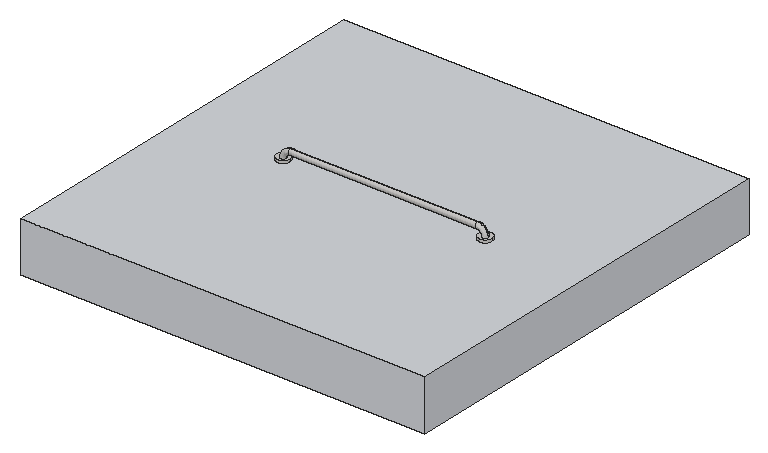
Revit family
Parameters (values of type "B-5806x48")
  URL = "http://www.bobrick.com"
  Type Comments = "Satin Finish"
  Product Page URL = ""
  Model = "B-5806 Series"
  Manufacturer = "Bobrick Washroom Equipment, Inc."
  Keynote = "10 28 00.C1"
  Grab Bar Material = Stainless Steel-Bobrick-Satin
  Grab Bar Length = 4' - 0"
  Flange Cover Radius = 0' - 1 5/8"
  Description = "1 1/4\" Diameter Stainless Steel Grab Bars with Snap Flange"
  Default Elevation = 2' - 9"
  Assembly Code = "C1030210"
  ADA Compliant = yes
Types (15): name | Type Comments | Grab Bar Length
  (no name) | "Satin Finish" | 4' - 0"
  B-5806x48 | "Satin Finish" | 4' - 0"
  B-5806x12 | "Satin Finish" | 1' - 0"
  B-5806x18 | "Satin Finish" | 1' - 6"
  B-5806x24 | "Satin Finish" | 2' - 0"
  B-5806x30 | "Satin Finish" | 2' - 6"
  B-5806x36 | "Satin Finish" | 3' - 0"
  B-5806x42 | "Satin Finish" | 3' - 6"
  B-5806.99x48 | "Satin Finish with Peened Gripping Surface" | 4' - 0"
  B-5806.99x12 | "Satin Finish with Peened Gripping Surface" | 1' - 0"
  B-5806.99x18 | "Satin Finish with Peened Gripping Surface" | 1' - 6"
  B-5806.99x24 | "Satin Finish with Peened Gripping Surface" | 2' - 0"
  B-5806.99x30 | "Satin Finish with Peened Gripping Surface" | 2' - 6"
  B-5806.99x36 | "Satin Finish with Peened Gripping Surface" | 3' - 0"
  B-5806.99x42 | "Satin Finish with Peened Gripping Surface" | 3' - 6"
Reference planes (in)
  plane 1 "Center (Front/Back)": y = 0
  plane 2: z = 0
  plane 3 "Center (Left/Right)": x = 0
  plane 4: x = -24
  plane 5: x = 24
  plane 6 "Grab Bar Center": z = 2.125
  plane 7: z = 0.4375
Forms (in)
  Extrusion 1, solid
    sketch origin (0, 0, 0) x (1, 0, 0) y (0, 1, 0)
      loop
        line (-48, 48) -> (-48, -48) -> (48, -48) -> (48, 48) -> (-48, 48)
    from 0 to -12
  Sweep 2, solid, material "Stainless Steel-Bobrick-Satin" <- "Grab Bar Material"
    path origin (0, 0, 0) x (1, 0, 0) y (0, 0, 1)
      loop
        line (24, 0) -> (24, 0.3125)
        arc (24, 0.3125) -> (23.46913, 1.59413) -> (22.1875, 2.125) r 1.8125
        line (22.1875, 2.125) -> (-22.1875, 2.125)
        arc (-22.1875, 2.125) -> (-23.46913, 1.59413) -> (-24, 0.3125) r 1.8125
        line (-24, 0.3125) -> (-24, 0)
    profile origin (24, 0, 0.15625) x (-1, 0, 0) y (0, -1, 0)
      loop
        circle (0, 0) r 0.625
  Extrusion 3, solid, material "Stainless Steel-Bobrick-Satin" <- "Grab Bar Material"
    sketch origin (0, 0, 0) x (1, 0, 0) y (0, 1, 0)
      loop
        circle (-24, 0) r 1.625
    from 0 to 0.4375
  Extrusion 4, solid, material "Stainless Steel-Bobrick-Satin" <- "Grab Bar Material"
    sketch origin (0, 0, 0) x (-1, 0, 0) y (0, -1, 0)
      loop
        circle (-24, 0) r 1.625
    from 0 to 0.4375
Cuts and joins
  joined: Sweep 2, Extrusion 3, Extrusion 4
Lines and regions (in)
  Masking region 1
    outline origin (0, 0, 0) x (1, 0, 0) y (0, 1, 0)
      loop
        arc (-25.625, 0) -> (-24.31878, -1.59343) -> (-22.50007, -0.62517) r 1.625
        line (-22.50007, -0.62517) -> (22.50007, -0.62517)
        arc (22.50007, -0.62517) -> (24.31878, -1.59343) -> (25.625, 0) r 1.625
        arc (25.625, 0) -> (24.31878, 1.59342) -> (22.50007, 0.62518) r 1.625
        line (22.50007, 0.62518) -> (-22.50007, 0.62518)
        arc (-22.50007, 0.62518) -> (-24.31878, 1.59342) -> (-25.625, 0) r 1.625
  Masking region 2
    outline origin (0, 0, 0) x (1, 0, 0) y (0, 0, 1)
      loop
        arc (-22.35127, 2.77915) -> (-24.00707, 2.09329) -> (-24.69292, 0.4375) r 2.34165
        line (-24.69292, 0.4375) -> (-25.625, 0.4375) -> (-25.625, 0) -> (-22.375, 0) -> (-22.375, 0.4375) -> (-23.36837, 0.4375)
        arc (-23.36837, 0.4375) -> (-23.03655, 1.1373) -> (-22.35127, 1.49816) r 1.22487
        line (-22.35127, 1.49816) -> (22.30771, 1.49816)
        arc (22.30771, 1.49816) -> (23.05771, 1.1875) -> (23.36837, 0.4375) r 1.06066
        line (23.36837, 0.4375) -> (22.375, 0.4375) -> (22.375, 0) -> (25.625, 0) -> (25.625, 0.4375) -> (24.62209, 0.4375)
        arc (24.62209, 0.4375) -> (23.93624, 2.09329) -> (22.28045, 2.77915) r 2.34165
        line (22.28045, 2.77915) -> (-22.35127, 2.77915)
  Masking region 3
    outline origin (0, 0, 0) x (0, 1, 0) y (0, 0, 1)
      loop
        line (1.625, 0) -> (1.625, 0.4375) -> (0.62518, 0.4375) -> (0.62518, 2.24043)
        arc (0.62518, 2.24043) -> (-0.05796, 2.7581) -> (-0.63575, 2.125) r 0.63575
        line (-0.63575, 2.125) -> (-0.63575, 0.4375) -> (-1.625, 0.4375) -> (-1.625, 0) -> (1.625, 0)
  symbolic lines, style "Restroom Accessories"
    curve 1: arc (-23.9969, 0.62518, 0) -> (-24.62119, -0.03495, 0) -> (-23.93044, -0.62517, 0) r 0.62685
    curve 2: line (-23.9969, 0.62518, 0) -> (24, 0.62518, 0)
    curve 3: line (23.93487, -0.62517, 0) -> (-23.93044, -0.62517, 0)
    curve 4: arc (23.93487, -0.62517, 0) -> (24.5609, -0.03091, 0) -> (24, 0.62518, 0) r 0.62687
    curve 5: arc (22.50007, -0.62517, 0) -> (25.625, 0, 0) -> (22.50007, 0.62518, 0) r 1.625
    curve 6: arc (-22.50007, 0.62518, 0) -> (-25.625, 0, 0) -> (-22.50007, -0.62517, 0) r 1.625
    curve 7: line (25.625, 0, 0.4375) -> (22.375, 0, 0.4375)
    curve 8: line (25.625, 0, 0) -> (25.625, 0, 0.4375)
    curve 9: line (22.375, 0, 0) -> (25.625, 0, 0)
    curve 10: line (22.375, 0, 0.4375) -> (22.375, 0, 0)
    curve 11: line (-22.375, 0, 0.4375) -> (-25.625, 0, 0.4375)
    curve 12: line (-22.375, 0, 0) -> (-22.375, 0, 0.4375)
    curve 13: line (-25.625, 0, 0) -> (-22.375, 0, 0)
    curve 14: line (-25.625, 0, 0.4375) -> (-25.625, 0, 0)
    curve 15: line (-22.35127, 0, 2.77915) -> (22.28045, 0, 2.77915)
    curve 16: arc (24.62209, 0, 0.4375) -> (23.93624, 0, 2.09329) -> (22.28045, 0, 2.77915) r 2.34165
    curve 17: arc (23.36837, 0, 0.4375) -> (23.05771, 0, 1.1875) -> (22.30771, 0, 1.49816) r 1.06066
    curve 18: line (22.30771, 0, 1.49816) -> (-22.35127, 0, 1.49816)
    curve 19: arc (-23.36837, 0, 0.4375) -> (-23.03655, 0, 1.1373) -> (-22.35127, 0, 1.49816) r 1.22487
    curve 20: arc (-22.35127, 0, 2.77915) -> (-24.00707, 0, 2.09329) -> (-24.69292, 0, 0.4375) r 2.34165
    curve 21: circle (0, 0, 2.125) r 0.63575 normal (1, 0, 0)
    curve 22: line (0, 0.62518, 0.4375) -> (0, 0.62518, 2.11935)
    curve 23: line (0, -0.63575, 2.125) -> (0, -0.63575, 0.4375)
    curve 24: line (0, 1.625, 0.4375) -> (0, -1.625, 0.4375)
    curve 25: line (0, 1.625, 0) -> (0, 1.625, 0.4375)
    curve 26: line (0, -1.625, 0) -> (0, 1.625, 0)
    curve 27: line (0, -1.625, 0.4375) -> (0, -1.625, 0)
Dimensions and locks (in)
  equal spacing: plane 4, plane 3 "Center (Left/Right)", plane 5
  "Grab Bar Length": plane 4 to plane 5
  locked: plane 6 "Grab Bar Center" to level at 2.125
  locked: level to plane 7 at 0.4375
  "Flange Cover Radius": radius of Extrusion 4 sketch curve
  "Flange Cover Radius": radius of cut or joined group of Sweep 2, Extrusion 3, Extrusion 4
  aligned and locked: plane 2 to Extrusion 1
  aligned and locked: level to Extrusion 1
  aligned and locked: plane 4 to Sweep 2 sketch curve
  aligned and locked: Sweep 2 sketch curve to plane 6 "Grab Bar Center"
  aligned and locked: plane 5 to Sweep 2 sketch curve
  aligned and locked: plane 7 to Extrusion 4
  aligned and locked: plane 7 to Extrusion 3
  aligned and locked: cut or joined group of Sweep 2, Extrusion 3, Extrusion 4 to level
  aligned and locked: Extrusion 4 to level
  aligned and locked: plane 5 to curve 4
  aligned and locked: Masking region 1 sketch curve to cut or joined group of Sweep 2, Extrusion 3, Extrusion 4  (x4)
  aligned and locked: curve 2 to Masking region 1 sketch curve
  aligned and locked: curve 3 to Masking region 1 sketch curve
  aligned and locked: Masking region 2 sketch curve to curve 20
  aligned and locked: Masking region 2 sketch curve to curve 19
  aligned and locked: Masking region 2 sketch curve to curve 12
  aligned and locked: Masking region 2 sketch curve to cut or joined group of Sweep 2, Extrusion 3, Extrusion 4  (x2)
  aligned and locked: Masking region 2 sketch curve to curve 14
  aligned and locked: Masking region 2 sketch curve to curve 13
  aligned and locked: Masking region 2 sketch curve to curve 17
  aligned and locked: Masking region 2 sketch curve to curve 16
  aligned and locked: Masking region 2 sketch curve to curve 10
  aligned and locked: Masking region 2 sketch curve to curve 8
  aligned and locked: Masking region 2 sketch curve to curve 9
  aligned and locked: Masking region 3 sketch curve to curve 25
  aligned and locked: Masking region 3 sketch curve to cut or joined group of Sweep 2, Extrusion 3, Extrusion 4
  aligned and locked: Masking region 3 sketch curve to curve 22
  aligned and locked: Masking region 3 sketch curve to curve 21
  aligned and locked: Masking region 3 sketch curve to curve 27
  aligned and locked: Masking region 3 sketch curve to curve 26
Automatic sketch dimensions
  Extrusion 1 sketch curve to Extrusion 1 sketch curve = 8' - 0"  (x2)
  Sweep 2 sketch curve to level = 0' - 0"  (x2)
  plane 4 to Sweep 2 sketch curve = 0' - 1 13/16"
  level to Sweep 2 sketch curve = 0' - 0 5/16"
  plane 1 "Center (Front/Back)" to Sweep 2 sketch curve = 0' - 0"
  Sweep 2 sketch curve to profile plane = 0' - 0"
  plane 1 "Center (Front/Back)" to Extrusion 3 sketch curve = 0' - 0"
  Extrusion 3 sketch curve to plane 4 = 0' - 0"
  plane 1 "Center (Front/Back)" to Extrusion 4 sketch curve = 0' - 0"
  Extrusion 4 sketch curve to plane 5 = 0' - 0"
  curve 14 to level = 0' - 0"
  curve 20 to plane 7 = 0' - 0"
  curve 16 to plane 7 = 0' - 0"
  curve 10 to level = 0' - 0"
  curve 14 to plane 4 = 0' - 1 5/8"
  curve 20 to plane 4 = 0' - 0.69292"
  plane 4 to curve 19 = 0' - 0.63163"
  curve 19 to curve 13 = 0' - 0.99337"
  plane 6 "Grab Bar Center" to curve 15 = 0' - 0.65415"
  curve 18 to plane 6 "Grab Bar Center" = 0' - 0.62684"
  curve 18 to curve 20 = 0' - 0"
  curve 19 to plane 7 = 0' - 0.14797"
  plane 5 to curve 16 = 0' - 1.71955"
  curve 16 to curve 18 = 0' - 0.02726"
  curve 17 to curve 10 = 0' - 0.06729"
  curve 16 to curve 8 = 0' - 1.00291"
  curve 24 to plane 7 = 0' - 0"
  curve 26 to level = 0' - 0"
  curve 23 to plane 6 "Grab Bar Center" = 0' - 0"
  curve 21 to plane 1 "Center (Front/Back)" = 0' - 0"
  curve 21 to plane 6 "Grab Bar Center" = 0' - 0"
  plane 1 "Center (Front/Back)" to curve 23 = 0' - 0.63575"
  curve 27 to curve 23 = 0' - 0.98925"
  curve 22 to plane 6 "Grab Bar Center" = 0' - 0.00565"
  curve 22 to plane 1 "Center (Front/Back)" = 0' - 0.62518"
  curve 22 to curve 26 = 0' - 0.99982"
  plane 1 "Center (Front/Back)" to curve 6 = 0' - 0"
  curve 6 to plane 4 = 0' - 0"
  plane 1 "Center (Front/Back)" to curve 5 = 0' - 0"
  curve 5 to plane 5 = 0' - 0"
  plane 4 to curve 1 = 0' - 0.0031"
  plane 1 "Center (Front/Back)" to curve 1 = 0' - 0.00168"
  plane 4 to curve 1 = 0' - 0.00478"
  curve 1 to curve 6 = 0' - 1.49683"
  plane 5 to curve 5 = 0' - 1.49993"
  plane 5 to curve 3 = 0' - 0.06513"
  plane 4 to curve 3 = 0' - 0.06956"
  plane 1 "Center (Front/Back)" to curve 6 = 0' - 0.62517"
  Masking region 3 sketch curve to plane 7 = 0' - 0"
  radius of Sweep 2 sketch curve = 0' - 0 5/8"
  radius of Extrusion 3 sketch curve = 0' - 1 5/8"
